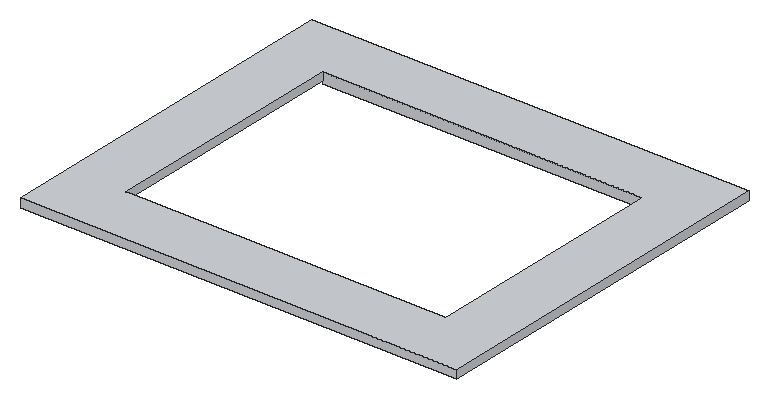
Revit family "H42SFPSB - HS42006-20", category Generic Models, host Face, Revit 2019
Family settings
  Host = Face
  Can host rebar = No
  Round Connector Dimension = Use Diameter
  Part Type = Normal
  Cut with Voids When Loaded = No
  Shared = No
  Room Calculation Point = No
Parameters
  Default Elevation = 48.00"
Reference planes (in)
  plane 1 "Center (Front/Back)": y = 0
  plane 2: z = 0
  plane 3 "Center (Left/Right)": x = 0
Forms (in)
  Extrusion 1, solid
    sketch origin (-18.5625, 20.90625, 0) x (1, 0, 0) y (0, 1, 0)
      loop
        line (45.6235, 1.62625) -> (-8.4985, 1.62625) -> (-8.4985, -43.43875) -> (45.6235, -43.43875) -> (45.6235, 1.62625)
      loop
        line (-1.2485, -5.69275) -> (-1.2485, -36.11975) -> (38.3735, -36.11975) -> (38.3735, -5.69275) -> (-1.2485, -5.69275)
    from 0 to 1
  Sweep 2, solid
    path origin (0, -2.0405, 0) x (1, 0, 0) y (0, 1, 0)
      loop
        line (19.811, -13.173) -> (-19.811, -13.173)
    profile origin (0, -15.2135, 0) x (0, -1, 0) y (0, 0, 1)
      loop
        line (0, 1) -> (0, -0.307) -> (0.536, -0.307) -> (0.536, -0.267) -> (0.04, -0.267) -> (0.04, 1) -> (0, 1)
  Sweep 3, solid
    path origin (0, 2.0405, 0) x (1, 0, 0) y (0, -1, 0)
      loop
        line (19.811, -13.173) -> (-19.811, -13.173)
    profile origin (0, 15.2135, 0) x (0, -1, 0) y (0, 0, 1)
      loop
        line (0, 1) -> (-0.04, 1) -> (-0.04, -0.267) -> (-0.536, -0.267) -> (-0.536, -0.307) -> (0, -0.307) -> (0, 1)
Cuts and joins
  joined: Extrusion 1, Sweep 2, Sweep 3
Dimensions and locks (in)
  aligned and locked: plane 2 to host face
  aligned and locked: level to host face
